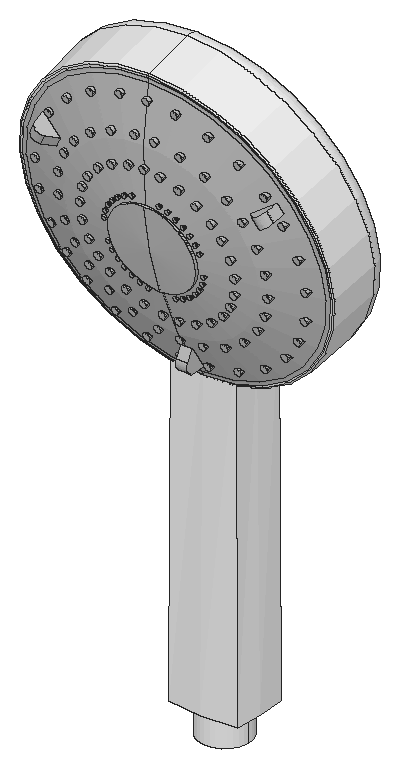
Revit family "Handshower-American_Standard-Rain-1660_Series", category Plumbing Fixtures, Revit 2015
Parameters (values of type "1660.550.002")
  Width = 4 3/4"  # constant formula
  Water Connection Radius = 1/4"  # constant formula
  Water Connection Diameter = 1/2"  # constant formula
  Waste Connection = no
  Warranty Information = "One Year General Product Warranty"  # constant formula
  WFU = 4  # constant formula
  Vent Connection = no
  URL = "https://www.americanstandard-us.com/"
  Specification = "Hand shower shall have 4 spray functions. Hand shower shall have a pressure compensating flow control device. Hand shower shall include check valve to prevent cross flow of hot and cold water"  # constant formula
  Product Page URL = "https://www.americanstandard-us.com/bathroom/shower-faucets/3-function-rain-hand-shower-18208"
  Product Documentation Link = "https://www.americanstandard-us.com/-/media/sites/asus/files/product-specs/bulk/specsheet1660550.pdf?la=en"
  Price = "Prices may vary. Please consult Manufacturer Representative for most up-to-date price list."  # constant formula
  Model = "1660.550.002"
  Material = "Brass-American Standard-002-Polished Chrome"
  Manufacturer = "American Standard"  # constant formula
  Height = 9 7/8"  # constant formula
  HWFU = 3  # constant formula
  HW Connection = yes
  Flow Rate = "2.5 gpm (9.5 L/min)"  # constant formula
  Finish = Brass-American Standard-002-Polished Chrome
  Description = "3-Function Rain Hand Shower"  # constant formula
  Default Elevation = 0"
  Creation Date = "01/23/2020"  # constant formula
  CWFU = 3  # constant formula
  CW Connection = yes
  Assembly Code = "D2010710"
Types (3): name | Model | Material | Finish
  (no name) | "1660.550.002" | "Brass-American Standard-002-Polished Chrome" | Brass-American Standard-002-Polished Chrome
  1660.550.002 | "1660.550.002" | "Brass-American Standard-002-Polished Chrome" | Brass-American Standard-002-Polished Chrome
  1660.550.295 | "1660.550.295" | "Brass-American Standard-295-Brushed Nickel" | Brass-American Standard-295-Brushed Nickel
Reference planes (in)
  plane 1 "Center (Front/Back)": y = 0
  plane 2: z = 0
  plane 3 "Center (Left/Right)": x = 0
Forms (in)
  Extrusion 1, solid, material "Brass-American Standard-002-Polished Chrome" <- "Finish"
    sketch origin (0, 0, 0) x (1, 0, 0) y (0, 1, 0)
      loop
        circle (0, 0) r 0.37148
    from 0 to 0.43858
  Blend 2, solid, material "Brass-American Standard-002-Polished Chrome" <- "Finish"
    base sketch origin (0, 0, 0) x (1, 0, 0) y (0, 1, 0)
      loop
        arc (-0.5217, -0.41016) -> (0, -0.4547) -> (0.5217, -0.41016) r 3.07771
        arc (0.5217, -0.41016) -> (0.55288, 0.00014) -> (0.52057, 0.41035) r 2.66664
        arc (0.52057, 0.41035) -> (0, 0.4547) -> (-0.52057, 0.41035) r 3.07771
        arc (-0.52057, 0.41035) -> (-0.55288, 0.00014) -> (-0.5217, -0.41016) r 2.66664
    top sketch origin (0, 0, 0) x (1, 0, 0) y (0, 1, 0)
      loop
        line (-0.50608, -0.39453) -> (0.50495, -0.39453) -> (0.50495, 0.39473) -> (-0.50608, 0.39473) -> (-0.50608, -0.39453)
    from 0.43858 to 5.57877
  Revolve 3, solid, material "Brass-American Standard-002-Polished Chrome" <- "Finish"
    sketch origin (0, 0, 0) x (0, 1, 0) y (0, 0, 1)
      loop
        line (-0.71175, 9.81005) -> (-1.43284, 9.61683)
        arc (-1.43284, 9.61683) -> (-1.44486, 9.60778) -> (-1.44721, 9.59292) r 0.02008
        line (-1.44721, 9.59292) -> (-0.92072, 7.31246) -> (0.18405, 7.5708)
        arc (0.18405, 7.5708) -> (-0.08487, 8.61875) -> (-0.41082, 9.65039) r 19.73591
        arc (-0.41082, 9.65039) -> (-0.52988, 9.78941) -> (-0.71175, 9.81005) r 0.25
      axis (-0.92072, 7.31246) -> (0.18405, 7.5708)
    angle from 0 to 360
  Extrusion 4, solid, material "Rubber-American Standard-Grey"
    sketch origin (0, -0.02702, -0.00403) x (0, 0.999996, -0.002825) y (0, 0.002825, 0.999996)
      loop
        line (-0.43336, 5.25738) -> (-0.57545, 5.865) -> (-0.79965, 5.42497)
        arc (-0.79965, 5.42497) -> (-0.7916, 5.29327) -> (-0.6725, 5.23646) r 0.12999
        line (-0.6725, 5.23646) -> (-0.43336, 5.25738)
    from -0.08286 to 0.08544
  Revolve 5, solid, material "Rubber-American Standard-Grey"
    sketch origin (0, -0.02702, -0.00403) x (0, 0.999996, -0.002825) y (0, 0.002825, 0.999996)
      loop
        arc (-1.44002, 9.5618) -> (-1.43614, 9.53073) -> (-1.43868, 9.49953) r 0.15273
        arc (-1.43868, 9.49953) -> (-1.52924, 8.67945) -> (-1.49817, 7.85497) r 5.59328
        line (-1.49817, 7.85497) -> (-1.52881, 7.8478)
        arc (-1.52881, 7.8478) -> (-1.48217, 7.52052) -> (-1.41639, 7.19655) r 5.62453
        line (-1.41639, 7.19655) -> (-0.92072, 7.31246) -> (-1.44002, 9.5618)
      axis (-1.41639, 7.19655) -> (-0.91437, 7.31394)
    angle from 0 to 360
  Extrusion 6, solid, material "Rubber-American Standard-Grey"
    sketch origin (6.34798, -2.50036, 10.70919) x (0.197197, 0.923163, 0.329975) y (-0.843275, 0.331388, -0.423165)
      loop
        line (-0.43336, 5.25738) -> (-0.57545, 5.865) -> (-0.79965, 5.42497)
        arc (-0.79965, 5.42497) -> (-0.7916, 5.29327) -> (-0.6725, 5.23646) r 0.12999
        line (-0.6725, 5.23646) -> (-0.43336, 5.25738)
    from -0.08286 to 0.08544
  Extrusion 7, solid, material "Rubber-American Standard-Grey"
    sketch origin (-6.34798, -2.50036, 10.70919) x (-0.197197, 0.923163, 0.329975) y (-0.843275, -0.331388, 0.423165)
      loop
        line (-0.43336, -5.25738) -> (-0.6725, -5.23646)
        arc (-0.6725, -5.23646) -> (-0.7916, -5.29327) -> (-0.79965, -5.42497) r 0.12999
        line (-0.79965, -5.42497) -> (-0.57545, -5.865) -> (-0.43336, -5.25738)
    from -0.08286 to 0.08544
  Extrusion 8, solid, material "Rubber-American Standard-Grey"
    sketch origin (0, 3.96643, 0.99666) x (1, 0, 0) y (0, -0.224951, 0.97437)
      loop
        circle (1.75553, 6.23974) r 0.05357
      loop
        circle (1.9279, 6.62688) r 0.05357
      loop
        circle (2.02218, 7.11189) r 0.05357
      loop
        circle (1.99632, 7.6053) r 0.05357
      loop
        circle (1.85186, 8.0778) r 0.05357
      loop
        circle (1.50644, 5.89689) r 0.05357
      loop
        circle (1.13355, 5.57274) r 0.05357
      loop
        circle (0.69331, 5.34843) r 0.05357
      loop
        circle (0.21189, 5.23729) r 0.05357
      loop
        circle (-1.75553, 6.23974) r 0.05357
      loop
        circle (-1.9279, 6.62688) r 0.05357
      loop
        circle (-2.02218, 7.11189) r 0.05357
      loop
        circle (-1.99632, 7.6053) r 0.05357
      loop
        circle (-1.85186, 8.0778) r 0.05357
      loop
        circle (-1.50644, 5.89689) r 0.05357
      loop
        circle (-1.13355, 5.57274) r 0.05357
      loop
        circle (-0.69331, 5.34843) r 0.05357
      loop
        circle (-0.21189, 5.23729) r 0.05357
      loop
        circle (0, 9.28041) r 0.05357
      loop
        circle (0.42146, 9.23612) r 0.05357
      loop
        circle (0.88863, 9.07526) r 0.05357
      loop
        circle (1.303, 8.80616) r 0.05357
      loop
        circle (1.63997, 8.44481) r 0.05357
      loop
        circle (-0.42146, 9.23612) r 0.05357
      loop
        circle (-0.88863, 9.07526) r 0.05357
      loop
        circle (-1.303, 8.80616) r 0.05357
      loop
        circle (-1.63997, 8.44481) r 0.05357
    from 3.34115 to 3.47107
  Extrusion 9, solid, material "Rubber-American Standard-Grey"
    sketch origin (0, 3.96643, 0.99666) x (1, 0, 0) y (0, -0.224951, 0.97437)
      loop
        circle (-1.15701, 8.3154) r 0.05357
      loop
        circle (-0.52295, 8.73426) r 0.05357
      loop
        circle (-0.86569, 8.56375) r 0.05357
      loop
        circle (-0.14914, 8.81678) r 0.05357
      loop
        circle (1.15701, 8.3154) r 0.05357
      loop
        circle (0.52295, 8.73426) r 0.05357
      loop
        circle (0.86569, 8.56375) r 0.05357
      loop
        circle (0.14914, 8.81678) r 0.05357
      loop
        circle (-1.35255, 8.05163) r 0.05357
      loop
        circle (-1.50551, 7.70071) r 0.05357
      loop
        circle (-1.56902, 7.3232) r 0.05357
      loop
        circle (-1.53933, 6.94155) r 0.05357
      loop
        circle (-1.44087, 6.62831) r 0.05357
      loop
        circle (-1.27944, 6.3424) r 0.05357
      loop
        circle (-1.02107, 6.05993) r 0.05357
      loop
        circle (-0.70204, 5.84836) r 0.05357
      loop
        circle (-0.3413, 5.72025) r 0.05357
      loop
        circle (1.35255, 8.05163) r 0.05357
      loop
        circle (1.50551, 7.70071) r 0.05357
      loop
        circle (1.56902, 7.3232) r 0.05357
      loop
        circle (1.53933, 6.94155) r 0.05357
      loop
        circle (1.44087, 6.62831) r 0.05357
      loop
        circle (1.27944, 6.3424) r 0.05357
      loop
        circle (1.02107, 6.05993) r 0.05357
      loop
        circle (0.70204, 5.84836) r 0.05357
      loop
        circle (0.3413, 5.72025) r 0.05357
      loop
        circle (-0.0151, 5.68279) r 0.05357
    from 3.34106 to 3.62643
  Extrusion 10, solid, material "Rubber-American Standard-Grey"
    sketch origin (0, 3.96643, 0.99666) x (1, 0, 0) y (0, -0.224951, 0.97437)
      loop
        circle (-0.93717, 7.93419) r 0.05357
      loop
        circle (-0.74461, 8.14069) r 0.05357
      loop
        circle (-0.50781, 8.29447) r 0.05357
      loop
        circle (-0.24085, 8.38639) r 0.05357
      loop
        circle (0, 8.4117) r 0.05357
      loop
        circle (0.93717, 7.93419) r 0.05357
      loop
        circle (0.74461, 8.14069) r 0.05357
      loop
        circle (0.50781, 8.29447) r 0.05357
      loop
        circle (0.24085, 8.38639) r 0.05357
      loop
        circle (1.05826, 7.72446) r 0.05357
      loop
        circle (1.14081, 7.45445) r 0.05357
      loop
        circle (1.15558, 7.17249) r 0.05357
      loop
        circle (1.10171, 6.89533) r 0.05357
      loop
        circle (1.00321, 6.6741) r 0.05357
      loop
        circle (0.12109, 6.10124) r 0.05357
      loop
        circle (0.3962, 6.16475) r 0.05357
      loop
        circle (0.64777, 6.29294) r 0.05357
      loop
        circle (0.86086, 6.47817) r 0.05357
      loop
        circle (-1.05826, 7.72446) r 0.05357
      loop
        circle (-1.14081, 7.45445) r 0.05357
      loop
        circle (-1.15558, 7.17249) r 0.05357
      loop
        circle (-1.10171, 6.89533) r 0.05357
      loop
        circle (-1.00321, 6.6741) r 0.05357
      loop
        circle (-0.12109, 6.10124) r 0.05357
      loop
        circle (-0.3962, 6.16475) r 0.05357
      loop
        circle (-0.64777, 6.29294) r 0.05357
      loop
        circle (-0.86086, 6.47817) r 0.05357
    from 3.34106 to 3.73165
  Extrusion 11, solid, material "Rubber-American Standard-Grey"
    sketch origin (0, 3.96643, 0.99666) x (1, 0, 0) y (0, -0.224951, 0.97437)
      loop
        circle (-0.32794, 7.92427) r 0.03205
      loop
        circle (-0.43947, 7.85713) r 0.03205
      loop
        circle (-0.53765, 7.77164) r 0.03205
      loop
        circle (-0.61949, 7.6704) r 0.03205
      loop
        circle (-0.68251, 7.55649) r 0.03205
      loop
        circle (-0.72479, 7.43337) r 0.03205
      loop
        circle (-0.20645, 7.97102) r 0.03205
      loop
        circle (0.32794, 7.92427) r 0.03205
      loop
        circle (0.43947, 7.85713) r 0.03205
      loop
        circle (0.53765, 7.77164) r 0.03205
      loop
        circle (0.61949, 7.6704) r 0.03205
      loop
        circle (0.68251, 7.55649) r 0.03205
      loop
        circle (0.72479, 7.43337) r 0.03205
      loop
        circle (0.20645, 7.97102) r 0.03205
      loop
        circle (-0.32794, 6.58233) r 0.03205
      loop
        circle (-0.43947, 6.64947) r 0.03205
      loop
        circle (-0.53765, 6.73496) r 0.03205
      loop
        circle (-0.61949, 6.83619) r 0.03205
      loop
        circle (-0.68251, 6.9501) r 0.03205
      loop
        circle (-0.72479, 7.07322) r 0.03205
      loop
        circle (-0.20645, 6.53558) r 0.03205
      loop
        circle (0.32794, 6.58233) r 0.03205
      loop
        circle (0.43947, 6.64947) r 0.03205
      loop
        circle (0.53765, 6.73496) r 0.03205
      loop
        circle (0.61949, 6.83619) r 0.03205
      loop
        circle (0.68251, 6.9501) r 0.03205
      loop
        circle (0.72479, 7.07322) r 0.03205
      loop
        circle (0.20645, 6.53558) r 0.03205
    from 3.34106 to 3.7906
Connectors (in)
  piping at (0, 0, 0), diameter 0.5, driven by "Water Connection Diameter"
    settings: on Extrusion 1, index 1, connector inside diameter 24", connector length 0", flow factor 0, pipe flow 0 GPM, pressure drop 0.00 psi, fitting loss kfactor 0, connector angle 0.00°, fixture units 0, engagement length 0", angle of deflection 0.00°, flow configuration 0, flow direction 1, fitting loss method 0, system type 29, joint type 0, gender type 0, connector reference index -1, connector utility 0, adjustable connector no, is connector primary yes, connector description "1/2\" Supply Inlet"
